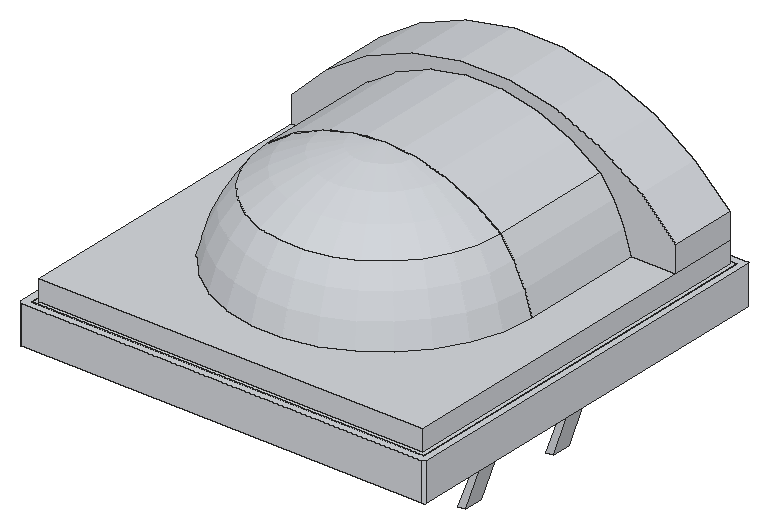
Revit family "Gira_537626", category Electrical Fixtures, host Face, Revit 2017
Family settings
  Host = Face
  Maintain Annotation Orientation = Yes
  Round Connector Dimension = Use Diameter
  Part Type = Normal
  Cut with Voids When Loaded = No
  Shared = No
  Room Calculation Point = No
Parameters (values of type "S3000 motion detec.top 2.20 m Komfort BT System 55 c.alum.")
  URL = "http://katalog.gira.de/en/datenblatt.html?artikelnr=537626"
  Name = "S3000 motion detec.top 2.20 m Komfort BT System 55 c.alum."
  Model = "Movement sensor"
  Manufacturer URL = "https://www.gira.de/"
  Manufacturer = "Gira"
  Keynote = ""
  HeinzeBIM = "https://bimportal.heinze.de/bim/s3000-motion-detec-top-2-20-m-komfort-bt-system-55-c-alum-/f1890d5f06fbfd787bf8c362a015ad323349603b"
  HAN = "537626"
  GTIN = "4010337050575"
  Description = "S3000 mot.det.top 2.20m Kmf BT Sys55 CAl,System 3000 motion detector top unit 2.20 m Komfort BT,System 55,colour aluminium,Features:,- Automatic switching of lighting, depending on the movement of heat and ambient brightness.,- Operation with System 3000 switching or dimming insert or 3-wire auxiliary insert.,- Expansion of the detection range in combination with the 3-wire auxiliary insert.,- When connecting a System 3000 auxiliary insert with an operating top unit or mechanical button to the main unit, the lighting can be switched on or dimmed for the duration of the delay time.,- Device facilitates manual switchover between automatic, always-on and always-off.,With System 3000 switching insert:,- Short-term operation.,With System 3000 dimming insert:,- Switch on with the last brightness set, or a saved switch-on brightness.,- The switch-on brightness can only be saved permanently via the System 3000 auxiliary insert with operating top unit.,Functions with the Gira Bluetooth app:,- Set the brightness threshold.,- Individually adjustable sensitivity of the two sensors (0, 25, 50, 75, 100 %).,- Set the delay time.,- Override functions: Automatic mode, permanently on off, time-limited on off for 0.5 to 5 hours.,- Occupied-home simulation.,- Switch-off pre-warning.,- Day mode.,- Walking test.,- Switch on with the last brightness set, or a saved switch-on brightness in combination with a dimming insert."
  Default Elevation = 1219.2 mm
  Data sheet (1) = "https://katalog.gira.de/en/download.html?artikelnr=537626"
  Category = "Sensor element for movement sensor"
  BIM (1) = "https://media.stage.bim.site/public/gira/36a6b08/Bewegungsmelder_2,20m.rfa"
  Available = "No"
Reference planes
  plane 1 "Center (Front/Back)": y = 0
  plane 2: z = 0
  plane 3 "Center (Left/Right)": x = 0
Forms (mm)
  Extrusion 1, solid, detail levels fine
    sketch origin (0, 0, 0) x (1, 0, 0) y (0, 0, 1)
      loop
        line (-33.25, 14.602) -> (-33.25, 10.1) -> (33.25, 10.1) -> (33.25, 14.602)
        arc (33.25, 14.602) -> (0, 30.256) -> (-33.25, 14.602) r 43.139
    from -33.25 to -21.609
  Extrusion 2, solid, detail levels fine
    sketch origin (0, 0, 0) x (1, 0, 0) y (0, 1, 0)
      loop
        line (-33.25, 33.25) -> (-33.25, -33.25) -> (33.25, -33.25) -> (33.25, 33.25) -> (-33.25, 33.25)
    from 6.6 to 10.1
  Extrusion 3, solid, detail levels fine
    sketch origin (0, 0, 0) x (1, 0, 0) y (0, 0, 1)
      loop
        arc (20.138, 21.225) -> (0, 28.457) -> (-20.138, 21.225) r 31.652
        arc (-20.138, 21.225) -> (-23.48, 15.984) -> (-25.486, 10.1) r 26.053
        line (-25.486, 10.1) -> (25.486, 10.1)
        arc (25.486, 10.1) -> (23.48, 15.984) -> (20.138, 21.225) r 26.053
    from -21.609 to 0
  Revolve 4, solid, detail levels fine
    sketch origin (0, 0, 0) x (1, 0, 0) y (0, 0, 1)
      loop
        arc (0, 28.457) -> (-10.699, 26.594) -> (-20.138, 21.225) r 31.652
        arc (-20.138, 21.225) -> (-23.48, 15.984) -> (-25.486, 10.1) r 26.053
        line (-25.486, 10.1) -> (0, 10.1) -> (0, 28.457)
      axis (0, 28.457) -> (0, 10.1)
    angle from -180 to 0
  Extrusion 5, solid, detail levels fine
    sketch origin (0, 0, 0) x (1, 0, 0) y (0, 1, 0)
      loop
        spline (-34.7, 35.2) -> (-34.765, 35.196) -> (-34.829, 35.183) -> (-34.891, 35.162) -> (-34.95, 35.133) -> (-35.004, 35.097) -> (-35.054, 35.054) -> (-35.097, 35.004) -> (-35.133, 34.95) -> (-35.162, 34.891) -> (-35.183, 34.829) -> (-35.196, 34.765) -> (-35.2, 34.7)
        line (-35.2, 34.7) -> (-35.2, -34.7)
        spline (-35.2, -34.7) -> (-35.196, -34.765) -> (-35.183, -34.829) -> (-35.162, -34.891) -> (-35.133, -34.95) -> (-35.097, -35.004) -> (-35.054, -35.054) -> (-35.004, -35.097) -> (-34.95, -35.133) -> (-34.891, -35.162) -> (-34.829, -35.183) -> (-34.765, -35.196) -> (-34.7, -35.2)
        line (-34.7, -35.2) -> (34.7, -35.2)
        spline (34.7, -35.2) -> (34.765, -35.196) -> (34.829, -35.183) -> (34.891, -35.162) -> (34.95, -35.133) -> (35.004, -35.097) -> (35.054, -35.054) -> (35.097, -35.004) -> (35.133, -34.95) -> (35.162, -34.891) -> (35.183, -34.829) -> (35.196, -34.765) -> (35.2, -34.7)
        line (35.2, -34.7) -> (35.2, 34.7)
        spline (35.2, 34.7) -> (35.196, 34.765) -> (35.183, 34.829) -> (35.162, 34.891) -> (35.133, 34.95) -> (35.097, 35.004) -> (35.054, 35.054) -> (35.004, 35.097) -> (34.95, 35.133) -> (34.891, 35.162) -> (34.829, 35.183) -> (34.765, 35.196) -> (34.7, 35.2)
        line (34.7, 35.2) -> (-34.7, 35.2)
      loop
        line (-33.986, 33.986) -> (-33.986, -33.986) -> (33.986, -33.986) -> (33.986, 33.986) -> (-33.986, 33.986)
    from 0 to 6.6
  Extrusion 6, solid, detail levels fine
    sketch origin (0, 0, 0) x (1, 0, 0) y (0, 1, 0)
      loop
        line (-33.986, 33.986) -> (-33.986, -33.986) -> (33.986, -33.986) -> (33.986, 33.986) -> (-33.986, 33.986)
    from 5 to 6.6
  Extrusion 7, solid
    sketch origin (0, 0, 0) x (1, 0, 0) y (0, 1, 0)
      loop
        line (-23.656, 22.752) -> (-23.656, -22.748)
        arc (-23.656, -22.748) -> (-23.409, -23.369) -> (-22.801, -23.65) r 0.904
        line (-22.801, -23.65) -> (22.796, -23.65)
        arc (22.796, -23.65) -> (23.404, -23.369) -> (23.656, -22.748) r 0.904
        line (23.656, -22.748) -> (23.652, 22.752)
        arc (23.652, 22.752) -> (23.404, 23.374) -> (22.796, 23.655) r 0.904
        line (22.796, 23.655) -> (-22.801, 23.655)
        arc (-22.801, 23.655) -> (-23.409, 23.374) -> (-23.656, 22.752) r 0.904
    from -3.2 to 5
  Extrusion 8, solid, detail levels fine
    sketch origin (0, 0, 0) x (1, 0, 0) y (0, 1, 0)
      loop
        line (-27.334, -25) -> (-26.366, -25) -> (-26.366, 26.298) -> (26.366, 26.298) -> (26.366, -25) -> (27.334, -25) -> (27.334, 27.402) -> (-27.334, 27.402) -> (-27.334, -25)
    from -1.1 to 5
  Extrusion 9, solid, detail levels fine
    sketch origin (0, 0, 0) x (1, 0, 0) y (0, 1, 0)
      loop
        line (-5.141, 20.682) -> (-5.141, 15.098)
        spline (-5.141, 15.098) -> (-5.133, 14.968) -> (-5.107, 14.84) -> (-5.065, 14.716) -> (-5.007, 14.599) -> (-4.935, 14.49) -> (-4.849, 14.391) -> (-4.75, 14.305) -> (-4.641, 14.233) -> (-4.524, 14.175) -> (-4.4, 14.133) -> (-4.272, 14.107) -> (-4.142, 14.099)
        line (-4.142, 14.099) -> (4.142, 14.099)
        spline (4.142, 14.099) -> (4.272, 14.107) -> (4.4, 14.133) -> (4.524, 14.175) -> (4.641, 14.233) -> (4.75, 14.305) -> (4.849, 14.391) -> (4.935, 14.49) -> (5.007, 14.599) -> (5.065, 14.716) -> (5.107, 14.84) -> (5.133, 14.968) -> (5.141, 15.098)
        line (5.141, 15.098) -> (5.141, 20.682)
        spline (5.141, 20.682) -> (5.133, 20.812) -> (5.107, 20.94) -> (5.065, 21.064) -> (5.007, 21.181) -> (4.935, 21.29) -> (4.849, 21.389) -> (4.75, 21.475) -> (4.641, 21.547) -> (4.524, 21.605) -> (4.4, 21.647) -> (4.272, 21.673) -> (4.142, 21.681)
        line (4.142, 21.681) -> (-4.142, 21.681)
        spline (-4.142, 21.681) -> (-4.272, 21.673) -> (-4.4, 21.647) -> (-4.524, 21.605) -> (-4.641, 21.547) -> (-4.75, 21.475) -> (-4.849, 21.389) -> (-4.935, 21.29) -> (-5.007, 21.181) -> (-5.065, 21.064) -> (-5.107, 20.94) -> (-5.133, 20.812) -> (-5.141, 20.682)
    from -19.6 to -3.2
  Extrusion 10, solid, detail levels fine
    sketch origin (0, 0, 0) x (1, 0, 0) y (0, 0, 1)
      loop
        line (-24.966, -3.825) -> (-25.395, -8.726) -> (-23.048, -15.543) -> (-21.665, -15.713) -> (-24.338, -8.563) -> (-23.422, -1.1) -> (-25.014, -1.1) -> (-24.966, -3.825)
      loop
        line (24.966, -3.825) -> (25.014, -1.1) -> (23.422, -1.1) -> (24.338, -8.563) -> (21.665, -15.713) -> (23.048, -15.543) -> (25.395, -8.726) -> (24.966, -3.825)
    from -11.1 to -7.9
  Extrusion 11, solid, detail levels fine
    sketch origin (0, 0, 0) x (1, 0, 0) y (0, 0, -1)
      loop
        line (-24.966, 3.825) -> (-25.014, 1.1) -> (-23.422, 1.1) -> (-24.338, 8.563) -> (-21.665, 15.713) -> (-23.048, 15.543) -> (-25.395, 8.726) -> (-24.966, 3.825)
      loop
        line (24.966, 3.825) -> (25.395, 8.726) -> (23.048, 15.543) -> (21.665, 15.713) -> (24.338, 8.563) -> (23.422, 1.1) -> (25.014, 1.1) -> (24.966, 3.825)
    from -11.1 to -7.9
  Extrusion 12, solid
    sketch origin (0, 0, 0) x (1, 0, 0) y (0, 1, 0)
      loop
        line (-23.656, 22.752) -> (-23.656, -22.748)
        arc (-23.656, -22.748) -> (-23.409, -23.369) -> (-22.801, -23.65) r 0.904
        line (-22.801, -23.65) -> (22.796, -23.65)
        arc (22.796, -23.65) -> (23.404, -23.369) -> (23.656, -22.748) r 0.904
        line (23.656, -22.748) -> (23.652, 22.752)
        arc (23.652, 22.752) -> (23.404, 23.374) -> (22.796, 23.655) r 0.904
        line (22.796, 23.655) -> (-22.801, 23.655)
        arc (-22.801, 23.655) -> (-23.409, 23.374) -> (-23.656, 22.752) r 0.904
    from -3.2 to 5
  Extrusion 13, solid, detail levels medium
    sketch origin (0, 0, 0) x (1, 0, 0) y (0, 1, 0)
      loop
        line (-35.2, 35.2) -> (-35.2, -35.2) -> (35.2, -35.2) -> (35.2, 35.2) -> (-35.2, 35.2)
    from 0 to 6.6
  Extrusion 14, solid, detail levels medium
    sketch origin (0, 0, 0) x (1, 0, 0) y (0, 1, 0)
      loop
        line (-33.25, 33.25) -> (-33.25, -33.25) -> (33.25, -33.25) -> (33.25, 33.25) -> (-33.25, 33.25)
    from 6.6 to 30.256
  Extrusion 15, solid, detail levels medium
    sketch origin (0, 0, 0) x (1, 0, 0) y (0, 1, 0)
      loop
        line (-23.656, 23.655) -> (-23.656, -23.65) -> (23.656, -23.65) -> (23.656, 23.655) -> (-23.656, 23.655)
    from -3.2 to 5
  Extrusion 16, solid, detail levels medium
    sketch origin (0, 0, 0) x (1, 0, 0) y (0, 0, 1)
      loop
        line (-25.014, -1.1) -> (-25.014, -15.713) -> (-21.665, -15.713) -> (-21.665, -1.1) -> (-25.014, -1.1)
      loop
        line (25.014, -1.1) -> (21.665, -1.1) -> (21.665, -15.713) -> (25.014, -15.713) -> (25.014, -1.1)
    from -11.1 to -7.9
  Extrusion 17, solid, detail levels medium
    sketch origin (0, 0, 0) x (1, 0, 0) y (0, 0, -1)
      loop
        line (-25.014, 1.1) -> (-21.665, 1.1) -> (-21.665, 15.713) -> (-25.014, 15.713) -> (-25.014, 1.1)
      loop
        line (25.014, 1.1) -> (25.014, 15.713) -> (21.665, 15.713) -> (21.665, 1.1) -> (25.014, 1.1)
    from -11.1 to -7.9
  Extrusion 18, solid, detail levels medium
    sketch origin (0, 0, 0) x (1, 0, 0) y (0, 1, 0)
      loop
        line (-5.141, 14.099) -> (5.141, 14.099) -> (5.141, 21.681) -> (-5.141, 21.681) -> (-5.141, 14.099)
    from -19.6 to -3.2
  Extrusion 19, solid, detail levels coarse
    sketch origin (0, 0, 0) x (1, 0, 0) y (0, 1, 0)
      loop
        line (-35.2, 35.2) -> (-35.2, -35.2) -> (35.2, -35.2) -> (35.2, 35.2) -> (-35.2, 35.2)
    from -19.6 to 30.256
Dimensions and locks
  aligned and locked: plane 2 to host face
  aligned and locked: level to host face
  aligned and locked: nested 1 to plane 3 "Center (Left/Right)"
  aligned and locked: plane 1 "Center (Front/Back)" to nested 1
Nested families
  nested 1: "Belegungssensor - Bewegung - Aufputz - Beschriftung" at (0, 0, 0) x (0, -1, 0) z (0, 0, 1), type "Belegungssensor - Bewegung - Aufputz - Beschriftung"
Connectors
  electrical at (0, 0, -19.6)
    settings: on Extrusion 19, index 1, voltage 220 V, apparent load 0 VA, apparent load phase1 0 VA, apparent load phase2 0 VA, apparent load phase3 0 VA, power factor 1, load classification "Other", number of poles 1, system type 30, power factor state 1, is connector primary yes, connector utility no, sub classification motor no, connector description ""
Definition of nested family "Belegungssensor - Bewegung - Aufputz - Beschriftung"
  Reference planes
    plane 1: y = 0
    plane 2: x = 0
  Lines and regions (mm)
    Filled region 1, type "Gefüllter Bereich 1"
      outline origin (143.425, -20.712, 0) x (1, 0, 0) y (0, 1, 0)
        loop
          line (-148.697, 21.204) -> (-148.697, 20.409) -> (-147.583, 20.807) -> (-148.697, 21.204)
    Filled region 2, type "Gefüllter Bereich 1"
      outline origin (141.808, 30.001, 0) x (0.939693, 0.34202, 0) y (-0.34202, 0.939693, 0)
        loop
          line (-148.694, 21.203) -> (-148.694, 20.41) -> (-147.583, 20.807) -> (-148.694, 21.203)
    Filled region 3, type "Gefüllter Bereich 1"
      outline origin (141.819, -29.825, 0) x (-0.34202, -0.939693, 0) y (0.939693, -0.34202, 0)
        loop
          line (21.204, -148.697) -> (20.807, -147.583) -> (20.409, -148.697) -> (21.204, -148.697)
    detail lines
      curve 1: line (-1.207, 0.095, 0) -> (-3.486, 1.411, 0)
      curve 2: line (-1.207, 0.095, 0) -> (-3.486, -1.221, 0)
      curve 5: arc (-3.252, 1.752, 0) -> (-3.839, 0.095, 0) -> (-3.252, -1.562, 0) r 2.632
      curve 6: line (-6, 3, 0) -> (0, 3, 0)
      curve 7: line (-6, -3, 0) -> (-6, 3, 0)
      curve 8: line (0, -3, 0) -> (-6, -3, 0)
      curve 9: line (0, 3, 0) -> (0, -3, 0)
    reference lines
      curve 3: line (-1.207, 0.095, 0) -> (-3.616, 2.046, 0)
      curve 4: line (-1.207, 0.095, 0) -> (-3.616, -1.856, 0)
  Dimensions and locks
    curve 1 to curve 1 = 2.632 mm
    curve 2 to curve 2 = 2.632 mm
    curve 6 to curve 8 = 6 mm
    curve 7 to curve 9 = 6 mm
    angle curve 1 to curve 2 = 60.00°
    aligned and locked: curve 6 to curve 7
    aligned and locked: curve 9 to curve 9
